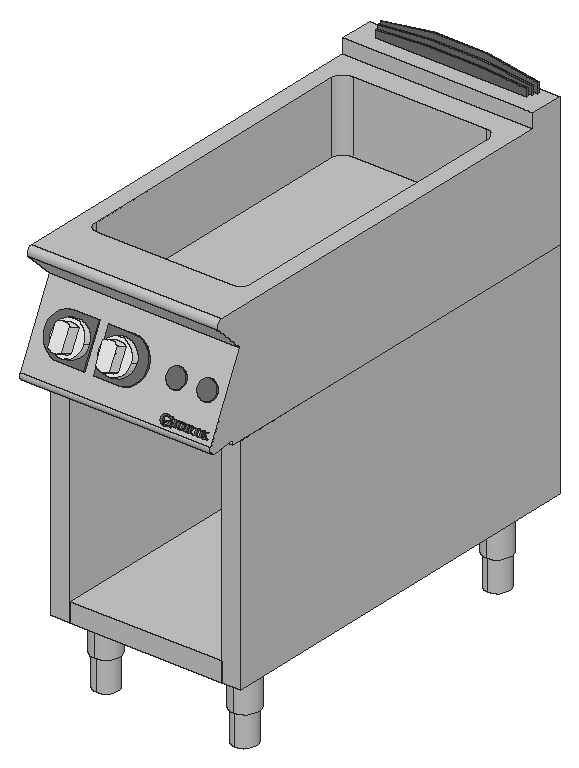
Revit family "QF_GIORIK_BM920E", category Specialty Equipment, Revit 2014
Parameters (values of type "BM920E")
  Weight in Pounds = 110.231
  Watts = 1650 W
  Waste Water Discharge Temperature [instance] = 0 °C
  Volts = 230 V
  URL Cutsheet = "www.giorik.com"
  URL = "www.giorik.com"
  Status [instance] = ""
  Specification by User [instance] = ""
  Specification by Manufacturer = ""
  Show Logo [instance] = yes
  Show Clearance [instance] = yes
  Serial Number = ""
  Seismic Rating = ""
  SMACNA No = ""
  Revision Code [instance] = ""
  Plumbing Remarks [instance] = ""
  Plumbing Connection Type [instance] = ""
  Phase = 1
  Number of Poles [instance] = 1
  NAFEM Spec ID Number = ""
  Model = "BM920E"
  Min Ckt Ampacity = 0 A
  Max Overcurrent Protection = 0 A
  Masterspec = ""
  Manufacturer = "GIORIK"
  Item Number [instance] = ""
  Installed By [instance] = ""
  Indirect Waste Size = 1"
  Indirect Waste Flow = 0.0 L/s
  Indirect Waste Connection Type [instance] = ""
  Indirect Waste Connection Height [instance] = 150 mm
  Identify Quantity as Lot [instance] = no
  HP = "2.212683000000"
  Furnished By [instance] = ""
  Foodservice Equipment Identifier [instance] = yes
  FL Amps = 0 A
  Electrical Remarks [instance] = ""
  Electric Connection Type [instance] = ""
  Elec Conn RI Height [instance] = 0 mm
  Elec Conn Connection Height [instance] = 150 mm
  Description = "ELECTRIC BAIN-MARIE ON OPEN BASE UNIT, GN1/1 + 1/3"
  Cycle = 50 Hz
  Conn Plug = ""
  Conn Conduit [instance] = no
  CSI MasterFormat = ""
  Assembly Code = "E1090320"
  Apparent Power = 1650 VA
Reference planes
  plane 1 "Back": y = 0
  plane 2: z = 0
  plane 3 "Left": x = 0
  plane 4 "Right": x = 400
  plane 5 "Front": y = -920
  plane 6 "Top": z = 900
Forms (mm)
  Extrusion 1, solid, visible <- "Show Logo"
    sketch origin (196.604, -935.677, 608.936) x (-1, 0, 0) y (0, 0.452718, 0.891654)
      loop
        line (-118.824, 58.358) -> (-127.804, 58.358) -> (-125.523, 56.445) -> (-125.523, 48.027) -> (-127.804, 46.113) -> (-118.824, 46.113) -> (-121.105, 48.027) -> (-121.105, 56.445) -> (-118.824, 58.358)
      loop
        line (-163.721, 58.358) -> (-172.7, 58.358) -> (-170.42, 56.445) -> (-170.42, 48.027) -> (-172.7, 46.113) -> (-163.721, 46.113) -> (-166.001, 48.027) -> (-166.001, 56.445) -> (-163.721, 58.358)
      loop
        line (-174.332, 58.358) -> (-183.312, 58.358) -> (-181.031, 56.445) -> (-181.031, 52.435) -> (-186.419, 56.955) -> (-184.416, 58.358) -> (-191.268, 58.358) -> (-188.01, 56.839) -> (-185.455, 54.283) -> (-190.846, 47.858) -> (-193.396, 46.93) -> (-193.396, 46.113) -> (-184.416, 46.113) -> (-185.437, 47.571) -> (-182.443, 51.552) -> (-181.031, 50.894) -> (-181.031, 48.027) -> (-183.312, 46.113) -> (-174.332, 46.113) -> (-176.613, 48.027) -> (-176.613, 56.445) -> (-174.332, 58.358)
      loop
        line (-115.429, 62.063) -> (-115.429, 54.198)
        arc (-115.429, 54.198) -> (-111.618, 57.803) -> (-106.847, 59.986) r 16.039
        arc (-106.847, 59.986) -> (-103.314, 59.837) -> (-100.512, 57.68) r 5.851
        arc (-100.512, 57.68) -> (-98.815, 52.267) -> (-100.512, 46.853) r 9.479
        arc (-100.512, 46.853) -> (-102.406, 44.986) -> (-104.846, 43.93) r 7.236
        arc (-104.846, 43.93) -> (-107.728, 44.111) -> (-110.052, 45.825) r 5.11
        line (-110.052, 45.825) -> (-110.052, 52.001) -> (-116.141, 52.001) -> (-116.141, 45.503) -> (-117.893, 43.751) -> (-114.094, 44.769)
        arc (-114.094, 44.769) -> (-112.56, 44.947) -> (-111.129, 44.366) r 3.115
        arc (-111.129, 44.366) -> (-104.216, 42.091) -> (-97.303, 44.366) r 11.641
        arc (-97.303, 44.366) -> (-93.396, 52.107) -> (-97.303, 59.849) r 9.622
        arc (-97.303, 59.849) -> (-104.369, 62.174) -> (-111.435, 59.849) r 11.898
        line (-111.435, 59.849) -> (-115.429, 62.063)
      loop
        arc (-129.234, 56.068) -> (-135.893, 58.628) -> (-142.552, 56.068) r 9.941
        arc (-142.552, 56.068) -> (-144.234, 52.286) -> (-142.552, 48.505) r 5.093
        arc (-142.552, 48.505) -> (-135.893, 45.945) -> (-129.234, 48.505) r 9.941
        arc (-129.234, 48.505) -> (-127.552, 52.286) -> (-129.234, 56.068) r 5.093
      loop
        arc (-132.628, 54.403) -> (-135.893, 57.668) -> (-139.158, 54.403) r 3.265
        line (-139.158, 54.403) -> (-139.158, 50.169)
        arc (-139.158, 50.169) -> (-135.893, 46.904) -> (-132.628, 50.169) r 3.265
        line (-132.628, 50.169) -> (-132.628, 54.403)
      loop
        arc (-156.363, 58.365) -> (-159.647, 55.081) -> (-156.363, 51.796) r 3.285
        line (-156.363, 51.796) -> (-159.529, 47.306) -> (-162.087, 46.113) -> (-155.847, 46.113) -> (-153.529, 51.083) -> (-150.637, 51.083) -> (-150.637, 47.784) -> (-153.022, 46.113) -> (-144.011, 46.113) -> (-146.094, 47.68) -> (-146.094, 56.493) -> (-144.229, 58.365) -> (-156.363, 58.365)
      loop
        line (-150.637, 57.512) -> (-153.637, 57.512)
        arc (-153.637, 57.512) -> (-156.237, 54.912) -> (-153.637, 52.312) r 2.6
        line (-153.637, 52.312) -> (-150.637, 52.312) -> (-150.637, 57.512)
      loop
        line (-108.924, 52.001) -> (-104.936, 49.005) -> (-100.948, 52.001) -> (-108.924, 52.001)
    from 1.5 to -0.5
  Extrusion 2, solid
    sketch origin (-16, 1025.81, 0) x (1, 0, 0) y (0, 1, 0)
      loop
        line (25, -1086.81) -> (25, -1156.81) -> (115, -1156.81) -> (115, -1086.81) -> (25, -1086.81)
    from 148 to 150
  Extrusion 3, solid
    sketch origin (-4, 0, 130) x (1, 0, 0) y (0, 1, 0)
      loop
        circle (54, -385) r 12.5
    from 0 to 20
  Extrusion 4, solid
    sketch origin (0, 800, -20) x (0, 1, 0) y (0, 0, 1)
      loop
        line (-800, 919.988) -> (-870, 919.988) -> (-870, 889.988) -> (-1688.565, 889.988)
        arc (-1688.565, 889.988) -> (-1698.91, 883.075) -> (-1696.482, 870.873) r 11.197
        line (-1696.482, 870.873) -> (-1640.634, 815.025) -> (-1718.706, 661.258)
        arc (-1718.706, 661.258) -> (-1717.991, 650.105) -> (-1707.876, 645.354) r 10.981
        line (-1707.876, 645.354) -> (-1659.758, 649.925) -> (-1659.758, 640) -> (-800, 640) -> (-800, 919.988)
    from 0 to 400
  Extrusion 5, solid
    sketch origin (0, -200, 599.536) x (1, 0, 0) y (0, 1, 0)
      loop
        line (0, -640) -> (40, -640) -> (40, 160) -> (360, 160) -> (360, -640) -> (400, -640) -> (400, 200) -> (0, 200) -> (0, -640)
    from -449.536 to 20.464
  Extrusion 6, solid
    sketch origin (0, -200, 0) x (1, 0, 0) y (0, 1, 0)
      loop
        line (40, 160) -> (40, -640) -> (360, -640) -> (360, 160) -> (40, 160)
    from 150 to 190
  Extrusion 7, solid
    sketch origin (-16, 360.81, 0) x (1, 0, 0) y (0, 1, 0)
      loop
        line (25, -1086.81) -> (25, -1156.81) -> (115, -1156.81) -> (115, -1086.81) -> (25, -1086.81)
    from 148 to 150
  Revolve 8, solid
    sketch origin (54, 360.81, 0) x (0, 1, 0) y (0, 0, 1)
      loop
        line (-1092.56, 66) -> (-1092.56, 148) -> (-1121.81, 148) -> (-1121.81, 0) -> (-1096.81, 0) -> (-1096.81, 66) -> (-1092.56, 66)
      axis (-1121.81, 0) -> (-1121.81, 148)
    angle from 0 to 360
  Revolve 9, solid
    sketch origin (54, 1025.81, 0) x (0, 1, 0) y (0, 0, 1)
      loop
        line (-1092.56, 66) -> (-1092.56, 148) -> (-1121.81, 148) -> (-1121.81, 0) -> (-1096.81, 0) -> (-1096.81, 66) -> (-1092.56, 66)
      axis (-1121.81, 0) -> (-1121.81, 148)
    angle from 0 to 360
  Extrusion 10, solid
    sketch origin (416, 360.81, 0) x (-1, 0, 0) y (0, -1, 0)
      loop
        line (25, 1086.81) -> (115, 1086.81) -> (115, 1156.81) -> (25, 1156.81) -> (25, 1086.81)
    from 148 to 150
  Revolve 11, solid
    sketch origin (346, 360.81, 0) x (0, 1, 0) y (0, 0, -1)
      loop
        line (-1092.56, -66) -> (-1096.81, -66) -> (-1096.81, 0) -> (-1121.81, 0) -> (-1121.81, -148) -> (-1092.56, -148) -> (-1092.56, -66)
      axis (-1121.81, 0) -> (-1121.81, -148)
    angle from 0 to 360
  Extrusion 12, solid
    sketch origin (416, -1217.81, 0) x (-1, 0, 0) y (0, -1, 0)
      loop
        line (25, -1086.81) -> (25, -1156.81) -> (115, -1156.81) -> (115, -1086.81) -> (25, -1086.81)
    from 148 to 150
  Revolve 13, solid
    sketch origin (346, -1217.81, 0) x (0, -1, 0) y (0, 0, 1)
      loop
        line (-1092.56, 66) -> (-1092.56, 148) -> (-1121.81, 148) -> (-1121.81, 0) -> (-1096.81, 0) -> (-1096.81, 66) -> (-1092.56, 66)
      axis (-1121.81, 0) -> (-1121.81, 148)
    angle from 0 to 360
  Extrusion 14, solid
    sketch origin (-343.221, -1163.345, 52.363) x (1, 0, 0) y (0, 0.452718, 0.891654)
      loop
        line (463.221, 676.25) -> (463.221, 766.25) -> (409.698, 766.25)
        arc (409.698, 766.25) -> (364.698, 721.25) -> (409.698, 676.25) r 45
        line (409.698, 676.25) -> (463.221, 676.25)
    from 48 to 50
  Extrusion 15, solid
    sketch origin (431.331, -1208.697, 74.959) x (-1, 0, 0) y (0, -0.45351, -0.891251)
      loop
        circle (351.331, -721.346) r 35
    from 0 to 15
  Extrusion 16, solid
    sketch origin (431.331, -1208.697, 74.959) x (-1, 0, 0) y (0, -0.45351, -0.891251)
      loop
        arc (336.331, -743.846) -> (351.331, -748.846) -> (366.331, -743.846) r 25
        line (366.331, -743.846) -> (366.331, -698.846)
        arc (366.331, -698.846) -> (351.331, -693.846) -> (336.331, -698.846) r 25
        line (336.331, -698.846) -> (336.331, -743.846)
    from 15 to 40
  Extrusion 17, solid
    sketch origin (-94, 0, -10.001) x (1, 0, 0) y (0, 0, 1)
      loop
        line (135, 909.989) -> (453, 909.989) -> (453, 925.527) -> (347.056, 931.749) -> (240.944, 931.749) -> (135, 925.527) -> (135, 909.989)
    from 32 to 35
  Extrusion 18, solid
    sketch origin (-92, 10, -10.001) x (1, 0, 0) y (0, 0, 1)
      loop
        line (454, 909.989) -> (454, 928.527) -> (346.162, 939.193) -> (237.838, 939.193) -> (130, 928.527) -> (130, 909.989) -> (454, 909.989)
    from 32 to 35
  Extrusion 19, solid
    sketch origin (-90, 20, -10.001) x (1, 0, 0) y (0, 0, 1)
      loop
        line (455, 909.989) -> (455, 930.527) -> (345.396, 947.413) -> (234.604, 947.413) -> (125, 930.527) -> (125, 909.989) -> (455, 909.989)
    from 32 to 35
  Extrusion 20, void
    sketch origin (0, -200, 819.988) x (0, 1, 0) y (-1, 0, 0)
      loop
        arc (80, -60) -> (72.678, -42.322) -> (55, -35) r 25
        line (55, -35) -> (-565.002, -35)
        arc (-565.002, -35) -> (-582.68, -42.322) -> (-590.002, -60) r 25
        line (-590.002, -60) -> (-590.002, -340)
        arc (-590.002, -340) -> (-582.68, -357.678) -> (-565.002, -365) r 25
        line (-565.002, -365) -> (55, -365)
        arc (55, -365) -> (72.678, -357.678) -> (80, -340) r 25
        line (80, -340) -> (80, -60)
    from -100 to 50
  Extrusion 21, solid
    sketch origin (20, -175, 719.988) x (0, 1, 0) y (-1, 0, 0)
      loop
        circle (-565.918, -311.344) r 20
    from 0 to 2
  Extrusion 22, solid
    sketch origin (603.221, -1163.345, 52.363) x (-1, 0, 0) y (0, -0.452718, -0.891654)
      loop
        line (463.221, -676.25) -> (409.698, -676.25)
        arc (409.698, -676.25) -> (364.698, -721.25) -> (409.698, -766.25) r 45
        line (409.698, -766.25) -> (463.221, -766.25) -> (463.221, -676.25)
    from 48 to 50
  Extrusion 23, solid
    sketch origin (-171.331, -1208.697, 74.959) x (1, 0, 0) y (0, 0.45351, 0.891251)
      loop
        circle (351.331, 721.346) r 35
    from 0 to 15
  Extrusion 24, solid
    sketch origin (-171.331, -1208.697, 74.959) x (1, 0, 0) y (0, 0.45351, 0.891251)
      loop
        line (336.331, 743.846) -> (336.331, 698.846)
        arc (336.331, 698.846) -> (351.331, 693.846) -> (366.331, 698.846) r 25
        line (366.331, 698.846) -> (366.331, 743.846)
        arc (366.331, 743.846) -> (351.331, 748.846) -> (336.331, 743.846) r 25
    from 15 to 40
  Extrusion 25, solid
    sketch origin (51.156, -1136.65, 215.385) x (0, -0.452718, -0.891654) y (-1, 0, 0)
      loop
        circle (-565.918, -311.344) r 20
    from 0 to 2
  Extrusion 26, solid
    sketch origin (-14.189, -1136.65, 215.385) x (0, -0.452718, -0.891654) y (-1, 0, 0)
      loop
        circle (-565.918, -311.344) r 20
    from 0 to 2
  Extrusion 27, solid
    sketch origin (0, 0, 100) x (0, 1, 0) y (-1, 0, 0)
      loop
        circle (-54, -313) r 6.35
    from 30 to 50
  Extrusion 28, solid
    sketch origin (0, 0, 100) x (0, 1, 0) y (-1, 0, 0)
      loop
        circle (-129, -162) r 12.5
    from 30 to 50
Cuts and joins
  Extrusion 20 cuts Extrusion 4
Lines and regions (mm)
  symbolic lines, style "200-EquipBorder-2D"
    curve 1: line (0, -920, 0) -> (400, -920, 0)
    curve 2: line (400, -920, 0) -> (400, 0, 0)
    curve 3: line (400, 0, 0) -> (0, 0, 0)
    curve 4: line (0, 0, 0) -> (0, -920, 0)
    curve 27: line (65, -920, 900) -> (65, -927.413, 900)
    curve 28: arc (165, -927.413, 900) -> (180, -929.847, 900) -> (195, -927.413, 900) r 47.439
    curve 29: arc (95, -927.413, 900) -> (80, -929.879, 900) -> (65, -927.413, 900) r 46.856
    curve 30: line (95, -927.413, 900) -> (95, -920, 900)
    curve 31: line (165, -927.413, 900) -> (165, -920, 900)
    curve 32: line (195, -927.413, 900) -> (195, -920, 900)
  symbolic lines, style "200-EquipInternal-2D"
    curve 5: line (0, -70, 900) -> (400, -70, 900)
    curve 6: line (35, -12, 900) -> (365, -12, 900)
    curve 7: line (365, -12, 900) -> (365, -15, 900)
    curve 8: line (365, -15, 900) -> (35, -15, 900)
    curve 9: line (35, -15, 900) -> (35, -12, 900)
    curve 10: line (38, -22, 900) -> (362, -22, 900)
    curve 11: line (362, -22, 900) -> (362, -25, 900)
    curve 12: line (362, -25, 900) -> (38, -25, 900)
    curve 13: line (38, -25, 900) -> (38, -22, 900)
    curve 14: line (41, -32, 900) -> (359, -32, 900)
    curve 15: line (359, -32, 900) -> (359, -35, 900)
    curve 16: line (359, -35, 900) -> (41, -35, 900)
    curve 17: line (41, -35, 900) -> (41, -32, 900)
    curve 18: line (340, -120, 900) -> (60, -120, 900)
    curve 19: arc (60, -120, 900) -> (42.322, -127.322, 900) -> (35, -145, 900) r 25
    curve 20: line (35, -145, 900) -> (35, -765, 900)
    curve 21: arc (365, -145, 900) -> (357.678, -127.322, 900) -> (340, -120, 900) r 25
    curve 22: line (365, -765, 900) -> (365, -145, 900)
    curve 23: arc (340, -790, 900) -> (357.678, -782.678, 900) -> (365, -765, 900) r 25
    curve 24: line (60, -790, 900) -> (340, -790, 900)
    curve 25: arc (35, -765, 900) -> (42.322, -782.678, 900) -> (60, -790, 900) r 25
    curve 26: circle (331.344, -740.918, 900) r 20 normal (0, 0, 1)
Dimensions and locks
  plane 3 "Left" to plane 4 "Right" = 400 mm
  plane 5 "Front" to plane 1 "Back" = 920 mm
  plane 4 "Right" to plane 3 "Left" = 400 mm
  plane 1 "Back" to plane 5 "Front" = 920 mm
  plane 6 "Top" to level = 900 mm  (x2)
  aligned and locked: level to plane 2
Connectors
  piping at (313, -54, 130), diameter 12.7
    settings: on Extrusion 27, index 2, connector inside diameter 24", connector length 0 mm, flow factor 0, pipe flow 0.0 L/s, pressure drop 0.0 Pa, fitting loss kfactor 0, connector angle 0.00°, fixture units 0, engagement length 0 mm, angle of deflection 0.00°, flow configuration 1, flow direction 1, fitting loss method 0, system type 20, joint type 0, gender type 0, connector reference index -1, connector utility 0, adjustable connector no, is connector primary yes, connector description "Water inlet"
  piping at (162, -129, 130), diameter 25.4, driven by "Indirect Waste Size", driven by "Indirect Waste Flow"
    settings: on Extrusion 28, index 3, connector inside diameter 24", connector length 0 mm, flow factor 0, pipe flow 0.0 L/s, pressure drop 0.0 Pa, fitting loss kfactor 0, connector angle 0.00°, fixture units 0, engagement length 0 mm, angle of deflection 0.00°, flow configuration 1, flow direction 2, fitting loss method 0, system type 16, joint type 0, gender type 0, connector reference index -1, connector utility 0, adjustable connector no, is connector primary no, connector description "Water drain"
  electrical at (50, -385, 130), driven by "Apparent Power", driven by "Volts", driven by "Number of Poles"
    settings: on Extrusion 3, index 4, voltage 230 V, apparent load 0 VA, apparent load phase1 1650 VA, apparent load phase2 0 VA, apparent load phase3 0 VA, power factor 1, load classification "Other", number of poles 1, system type 31, power factor state 1, is connector primary yes, connector utility no, sub classification motor no, connector description "Electrical connection"
